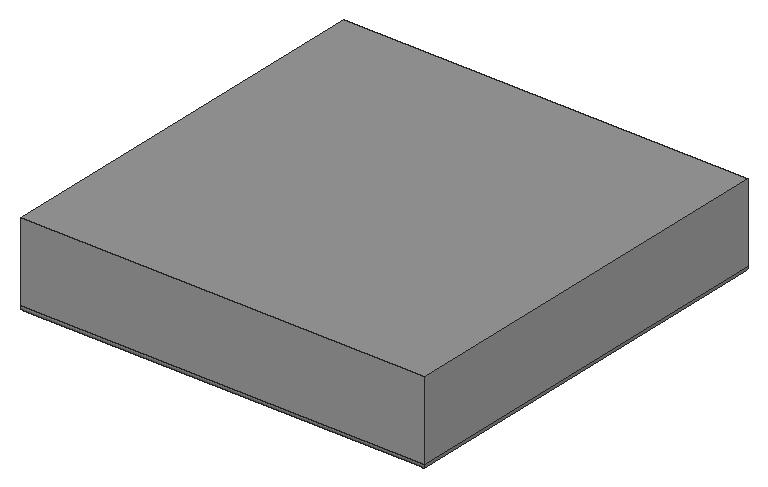
Revit family "TMR1_63_UN_Emergency Lighting_Surface-mounted_Recessed_ETK", category Lighting Fixtures, Revit 2019
Family settings
  Round Connector Dimension = Use Diameter
  Part Type = Normal
  OmniClass Number = 23.80.70.11.14.11
  OmniClass Title = Downlights
  Work Plane-Based = No
  Always vertical = Yes
  Cut with Voids When Loaded = No
  Light Source = No
  Shared = No
  Room Calculation Point = Yes
Parameters (values of type "TMR.1100.xxN - 2W / 360lm / 1hr autonomy")
  Wattage Comments = "2W"
  Voltage = 230 V
  URL = "https://www.etk.nl/producten/tmr-1/"
  Type Comments = "IP66 - IK10"
  Symbol_ToScale [instance] = no
  Symbol_RealSize [instance] = not(Symbol_ToScale)  # yes
  Switch Code [instance] = ""
  Surface Mounted [instance] = yes
  Recessed [instance] = not(Surface Mounted)  # no
  Model = "TMR1"
  Manufacturer = "ETK licht B.V."
  Luminaire_Body_Material = PPS Plastic
  Luminaire Code [instance] = ""
  Lightsource_Constraint [instance] = if(Recessed, 2.2 mm, 17.7 mm)  # 17.7 mm
  Light Source = TMR.1 - Lightsource : TMR.1100.xxN - 2W / 360lm / 1hr autonomy
  Lamp = "LED"
  IfcExportType = "USERDEFINED"
  IfcExportAs = "IfcLightFixtureType"
  Description = "Surface Mounted and Recessed"
  Copyright © IVLighting = "www.ivlibrary.com"
  Assembly Code = "63.0"
  Apparent Load = 2 VA
Types (3, lengths in mm): name | Symbol_ToScale | Symbol_RealSize
  (no name) | no | yes
  TMR.1100.xxN - 2W / 360lm / 1hr autonomy | no | yes
  TMR.1200.xxN - 2W / 360lm / 1hr autonomy | yes | no
Reference planes
  plane 1 "Center (Front/Back)": y = 0
  plane 2: z = 0
  plane 3 "Center (Left/Right)": x = 0
Forms (mm)
  Sweep 1, solid, material "PPS Plastic" <- "Luminaire_Body_Material", visible <- "Surface Mounted"
    path origin (0, 0, 0) x (1, 0, 0) y (0, 1, 0)
      loop
        line (-65.067, -65.005) -> (65.067, -65.005) -> (65.067, 65.005) -> (-65.067, 65.005) -> (-65.067, -65.005)
    profile origin (0, -65.005, 0) x (0, 1, 0) y (0, 0, 1)
      loop
        line (0, 0) -> (0, -25.397)
        arc (0, -25.397) -> (0.469, -26.531) -> (1.603, -27) r 1.603
        line (1.603, -27) -> (2.551, -27) -> (56.895, -17.418) -> (56.895, 0) -> (0, 0)
  Extrusion 2, solid, material "PPS Plastic" <- "Luminaire_Body_Material", visible <- "Surface Mounted"
    sketch origin (0, 0, 0) x (0, 1, 0) y (0, 0, 1)
      loop
        line (8.11, -15.747) -> (8.11, 0) -> (-8.11, 0) -> (-8.11, -15.747) -> (8.11, -15.747)
    from -8.172 to 8.172
  Extrusion 3, solid, material "PPS Plastic" <- "Luminaire_Body_Material", visible <- "Surface Mounted"
    sketch origin (0, 0, 0) x (1, 0, 0) y (0, 1, 0)
      loop
        line (-8.172, 8.218) -> (-8.172, -8.11) -> (8.172, -8.11) -> (8.172, 8.218) -> (-8.172, 8.218)
      loop
        line (-7.242, 5.268) -> (-6.166, 5.268)
        arc (-6.166, 5.268) -> (-5.961, 5.763) -> (-5.466, 5.968) r 0.7
        line (-5.466, 5.968) -> (-5.466, 7.044)
        arc (-5.466, 7.044) -> (-6.722, 6.524) -> (-7.242, 5.268) r 1.776
      loop
        line (-4.905, 7.044) -> (-4.905, 5.968) -> (4.515, 5.968) -> (4.515, 7.044) -> (-4.905, 7.044)
      loop
        arc (7.242, 5.268) -> (6.722, 6.524) -> (5.466, 7.044) r 1.776
        line (5.466, 7.044) -> (5.466, 5.968)
        arc (5.466, 5.968) -> (5.961, 5.763) -> (6.166, 5.268) r 0.7
        line (6.166, 5.268) -> (7.242, 5.268)
      loop
        line (-7.242, 2.999) -> (-7.242, 2.199) -> (-4.615, 2.199) -> (-3.282, 3.531) -> (4.191, 3.531) -> (5.2, 2.522) -> (7.242, 2.522) -> (7.242, 3.322) -> (5.49, 3.322) -> (4.481, 4.331) -> (-3.572, 4.331) -> (-4.905, 2.999) -> (-7.242, 2.999)
      loop
        line (-7.242, 1.31) -> (-7.242, -1.202) -> (-6.442, -1.202) -> (-6.442, 1.31) -> (-7.242, 1.31)
      loop
        line (7.242, 1.31) -> (6.442, 1.31) -> (6.442, -1.202) -> (7.242, -1.202) -> (7.242, 1.31)
      loop
        circle (0, 0.054) r 1.884
      loop
        arc (-7.242, -5.268) -> (-6.722, -6.524) -> (-5.466, -7.044) r 1.776
        line (-5.466, -7.044) -> (-5.466, -5.968)
        arc (-5.466, -5.968) -> (-5.961, -5.763) -> (-6.166, -5.268) r 0.7
        line (-6.166, -5.268) -> (-7.242, -5.268)
      loop
        line (-4.905, -7.044) -> (4.515, -7.044) -> (4.515, -5.968) -> (-4.905, -5.968) -> (-4.905, -7.044)
      loop
        line (7.242, -5.268) -> (6.166, -5.268)
        arc (6.166, -5.268) -> (5.961, -5.763) -> (5.466, -5.968) r 0.7
        line (5.466, -5.968) -> (5.466, -7.044)
        arc (5.466, -7.044) -> (6.722, -6.524) -> (7.242, -5.268) r 1.776
      loop
        line (-7.242, -2.999) -> (-4.905, -2.999) -> (-3.572, -4.331) -> (4.481, -4.331) -> (5.49, -3.322) -> (7.242, -3.322) -> (7.242, -2.522) -> (5.2, -2.522) -> (4.191, -3.531) -> (-3.282, -3.531) -> (-4.615, -2.199) -> (-7.242, -2.199) -> (-7.242, -2.999)
    from -17.418 to -15.747
  Extrusion 4, solid, material "LED", visible <- "Surface Mounted"
    sketch origin (0, 0, 0) x (1, 0, 0) y (0, 1, 0)
      loop
        circle (0, 0) r 1.883
    from -17.5 to -15.747
  Sweep 5, solid, material "PPS Plastic" <- "Luminaire_Body_Material", not visible
    path origin (0, 0, 0) x (1, 0, 0) y (0, 1, 0)
      loop
        line (-65.067, -65.005) -> (65.067, -65.005) -> (65.067, 65.005) -> (-65.067, 65.005) -> (-65.067, -65.005)
    profile origin (0, -65.005, 0) x (0, 1, 0) y (0, 0, 1)
      loop
        line (0, 0) -> (0, -25.397)
        arc (0, -25.397) -> (0.469, -26.531) -> (1.603, -27) r 1.603
        line (1.603, -27) -> (2.551, -27) -> (56.895, -17.418) -> (56.895, 0) -> (0, 0)
  Extrusion 6, solid, material "PPS Plastic" <- "Luminaire_Body_Material", not visible
    sketch origin (0, 0, 0) x (0, 1, 0) y (0, 0, 1)
      loop
        line (8.11, -15.747) -> (8.11, 0) -> (-8.11, 0) -> (-8.11, -15.747) -> (8.11, -15.747)
    from -8.172 to 8.172
  Extrusion 7, solid, material "PPS Plastic" <- "Luminaire_Body_Material", not visible
    sketch origin (0, 0, 0) x (1, 0, 0) y (0, 1, 0)
      loop
        line (-8.172, 8.218) -> (-8.172, -8.11) -> (8.172, -8.11) -> (8.172, 8.218) -> (-8.172, 8.218)
      loop
        line (-7.242, 5.268) -> (-6.166, 5.268)
        arc (-6.166, 5.268) -> (-5.961, 5.763) -> (-5.466, 5.968) r 0.7
        line (-5.466, 5.968) -> (-5.466, 7.044)
        arc (-5.466, 7.044) -> (-6.722, 6.524) -> (-7.242, 5.268) r 1.776
      loop
        line (-4.905, 7.044) -> (-4.905, 5.968) -> (4.515, 5.968) -> (4.515, 7.044) -> (-4.905, 7.044)
      loop
        arc (7.242, 5.268) -> (6.722, 6.524) -> (5.466, 7.044) r 1.776
        line (5.466, 7.044) -> (5.466, 5.968)
        arc (5.466, 5.968) -> (5.961, 5.763) -> (6.166, 5.268) r 0.7
        line (6.166, 5.268) -> (7.242, 5.268)
      loop
        line (-7.242, 2.999) -> (-7.242, 2.199) -> (-4.615, 2.199) -> (-3.282, 3.531) -> (4.191, 3.531) -> (5.2, 2.522) -> (7.242, 2.522) -> (7.242, 3.322) -> (5.49, 3.322) -> (4.481, 4.331) -> (-3.572, 4.331) -> (-4.905, 2.999) -> (-7.242, 2.999)
      loop
        line (-7.242, 1.31) -> (-7.242, -1.202) -> (-6.442, -1.202) -> (-6.442, 1.31) -> (-7.242, 1.31)
      loop
        line (7.242, 1.31) -> (6.442, 1.31) -> (6.442, -1.202) -> (7.242, -1.202) -> (7.242, 1.31)
      loop
        circle (0, 0.054) r 1.884
      loop
        arc (-7.242, -5.268) -> (-6.722, -6.524) -> (-5.466, -7.044) r 1.776
        line (-5.466, -7.044) -> (-5.466, -5.968)
        arc (-5.466, -5.968) -> (-5.961, -5.763) -> (-6.166, -5.268) r 0.7
        line (-6.166, -5.268) -> (-7.242, -5.268)
      loop
        line (-4.905, -7.044) -> (4.515, -7.044) -> (4.515, -5.968) -> (-4.905, -5.968) -> (-4.905, -7.044)
      loop
        line (7.242, -5.268) -> (6.166, -5.268)
        arc (6.166, -5.268) -> (5.961, -5.763) -> (5.466, -5.968) r 0.7
        line (5.466, -5.968) -> (5.466, -7.044)
        arc (5.466, -7.044) -> (6.722, -6.524) -> (7.242, -5.268) r 1.776
      loop
        line (-7.242, -2.999) -> (-4.905, -2.999) -> (-3.572, -4.331) -> (4.481, -4.331) -> (5.49, -3.322) -> (7.242, -3.322) -> (7.242, -2.522) -> (5.2, -2.522) -> (4.191, -3.531) -> (-3.282, -3.531) -> (-4.615, -2.199) -> (-7.242, -2.199) -> (-7.242, -2.999)
    from -17.418 to -15.747
  Extrusion 8, solid, material "LED", not visible
    sketch origin (0, 0, 0) x (1, 0, 0) y (0, 1, 0)
      loop
        circle (0, 0) r 1.883
    from -17.5 to -15.747
  Sweep 9, solid, material "PPS Plastic" <- "Luminaire_Body_Material", visible <- "Recessed"
    path origin (0, 0, 20.193) x (1, 0, 0) y (0, 1, 0)
      loop
        line (-65.067, -65.005) -> (65.067, -65.005) -> (65.067, 65.005) -> (-65.067, 65.005) -> (-65.067, -65.005)
    profile origin (0, -65.005, 20.193) x (0, 1, 0) y (0, 0, 1)
      loop
        line (0, 0) -> (0, -25.397)
        arc (0, -25.397) -> (0.469, -26.531) -> (1.603, -27) r 1.603
        line (1.603, -27) -> (2.551, -27) -> (56.895, -22.246) -> (56.895, 0) -> (0, 0)
  Extrusion 10, solid, material "PPS Plastic" <- "Luminaire_Body_Material", visible <- "Recessed"
    sketch origin (0, 0, 20.193) x (0, 1, 0) y (0, 0, 1)
      loop
        line (8.11, -20.215) -> (8.11, 0) -> (-8.11, 0) -> (-8.11, -20.215) -> (8.11, -20.215)
    from -8.172 to 8.172
  Extrusion 11, solid, material "PPS Plastic" <- "Luminaire_Body_Material", visible <- "Recessed"
    sketch origin (0, 0, 20.193) x (1, 0, 0) y (0, 1, 0)
      loop
        line (-8.172, 8.218) -> (-8.172, -8.11) -> (8.172, -8.11) -> (8.172, 8.218) -> (-8.172, 8.218)
      loop
        line (-7.242, 5.268) -> (-6.166, 5.268)
        arc (-6.166, 5.268) -> (-5.961, 5.763) -> (-5.466, 5.968) r 0.7
        line (-5.466, 5.968) -> (-5.466, 7.044)
        arc (-5.466, 7.044) -> (-6.722, 6.524) -> (-7.242, 5.268) r 1.776
      loop
        line (-4.905, 7.044) -> (-4.905, 5.968) -> (4.515, 5.968) -> (4.515, 7.044) -> (-4.905, 7.044)
      loop
        arc (7.242, 5.268) -> (6.722, 6.524) -> (5.466, 7.044) r 1.776
        line (5.466, 7.044) -> (5.466, 5.968)
        arc (5.466, 5.968) -> (5.961, 5.763) -> (6.166, 5.268) r 0.7
        line (6.166, 5.268) -> (7.242, 5.268)
      loop
        line (-7.242, 2.999) -> (-7.242, 2.199) -> (-4.615, 2.199) -> (-3.282, 3.531) -> (4.191, 3.531) -> (5.2, 2.522) -> (7.242, 2.522) -> (7.242, 3.322) -> (5.49, 3.322) -> (4.481, 4.331) -> (-3.572, 4.331) -> (-4.905, 2.999) -> (-7.242, 2.999)
      loop
        line (-7.242, 1.31) -> (-7.242, -1.202) -> (-6.442, -1.202) -> (-6.442, 1.31) -> (-7.242, 1.31)
      loop
        line (7.242, 1.31) -> (6.442, 1.31) -> (6.442, -1.202) -> (7.242, -1.202) -> (7.242, 1.31)
      loop
        circle (0, 0.054) r 1.884
      loop
        arc (-7.242, -5.268) -> (-6.722, -6.524) -> (-5.466, -7.044) r 1.776
        line (-5.466, -7.044) -> (-5.466, -5.968)
        arc (-5.466, -5.968) -> (-5.961, -5.763) -> (-6.166, -5.268) r 0.7
        line (-6.166, -5.268) -> (-7.242, -5.268)
      loop
        line (-4.905, -7.044) -> (4.515, -7.044) -> (4.515, -5.968) -> (-4.905, -5.968) -> (-4.905, -7.044)
      loop
        line (7.242, -5.268) -> (6.166, -5.268)
        arc (6.166, -5.268) -> (5.961, -5.763) -> (5.466, -5.968) r 0.7
        line (5.466, -5.968) -> (5.466, -7.044)
        arc (5.466, -7.044) -> (6.722, -6.524) -> (7.242, -5.268) r 1.776
      loop
        line (-7.242, -2.999) -> (-4.905, -2.999) -> (-3.572, -4.331) -> (4.481, -4.331) -> (5.49, -3.322) -> (7.242, -3.322) -> (7.242, -2.522) -> (5.2, -2.522) -> (4.191, -3.531) -> (-3.282, -3.531) -> (-4.615, -2.199) -> (-7.242, -2.199) -> (-7.242, -2.999)
    from -22.246 to -20.215
  Extrusion 12, solid, material "LED", visible <- "Recessed"
    sketch origin (0, 0, 20.193) x (1, 0, 0) y (0, 1, 0)
      loop
        circle (0, 0) r 1.883
    from -22.387 to -20.215
Cuts and joins
  joined: Sweep 1, Extrusion 2
Lines and regions (mm)
  symbolic lines, visible <- "Symbol_RealSize"
    curve 1: line (-64.747, 65.005, 0) -> (65.253, 65.005, 0)
    curve 2: line (65.253, 65.005, 0) -> (65.253, -64.995, 0)
    curve 3: line (65.253, -64.995, 0) -> (-64.747, -64.995, 0)
    curve 4: line (-64.747, -64.995, 0) -> (-64.747, 65.005, 0)
    curve 5: line (-64.747, -64.995, 0) -> (0.253, 0.005, 0)
    curve 6: line (-64.747, 65.005, 0) -> (0.253, 0.005, 0)
    curve 7: line (0.253, 0.005, 0) -> (-64.747, 0.005, 0)
    curve 8: line (-64.747, -2.995, 0) -> (-2.747, -2.995, 0)
    curve 9: line (-64.747, -5.995, 0) -> (-5.747, -5.995, 0)
    curve 10: line (-64.747, -8.995, 0) -> (-8.747, -8.995, 0)
    curve 11: line (-64.747, -11.995, 0) -> (-11.747, -11.995, 0)
    curve 12: line (-64.747, -14.995, 0) -> (-14.747, -14.995, 0)
    curve 13: line (-64.747, -17.995, 0) -> (-17.747, -17.995, 0)
    curve 14: line (-64.747, -20.995, 0) -> (-20.747, -20.995, 0)
    curve 15: line (-64.747, -23.995, 0) -> (-23.747, -23.995, 0)
    curve 16: line (-64.747, -26.995, 0) -> (-26.747, -26.995, 0)
    curve 17: line (-64.747, -29.995, 0) -> (-29.747, -29.995, 0)
    curve 18: line (-64.747, -32.995, 0) -> (-32.747, -32.995, 0)
    curve 19: line (-64.747, -35.995, 0) -> (-35.747, -35.995, 0)
    curve 20: line (-64.747, -38.995, 0) -> (-38.747, -38.995, 0)
    curve 21: line (-64.747, -41.995, 0) -> (-41.747, -41.995, 0)
    curve 22: line (-64.747, -44.995, 0) -> (-44.747, -44.995, 0)
    curve 23: line (-64.747, -47.995, 0) -> (-47.747, -47.995, 0)
    curve 24: line (-64.747, -50.995, 0) -> (-50.747, -50.995, 0)
    curve 25: line (-64.747, -53.995, 0) -> (-53.747, -53.995, 0)
    curve 26: line (-64.747, -56.995, 0) -> (-56.747, -56.995, 0)
    curve 27: line (-64.747, -59.995, 0) -> (-59.747, -59.995, 0)
    curve 28: line (-64.747, -62.995, 0) -> (-62.747, -62.995, 0)
    curve 29: line (-64.747, 3.005, 0) -> (-2.747, 3.005, 0)
    curve 30: line (-64.747, 6.005, 0) -> (-5.747, 6.005, 0)
    curve 31: line (-64.747, 9.005, 0) -> (-8.747, 9.005, 0)
    curve 32: line (-64.747, 12.005, 0) -> (-11.747, 12.005, 0)
    curve 33: line (-64.747, 15.005, 0) -> (-14.747, 15.005, 0)
    curve 34: line (-64.747, 18.005, 0) -> (-17.747, 18.005, 0)
    curve 35: line (-64.747, 21.005, 0) -> (-20.747, 21.005, 0)
    curve 36: line (-64.747, 24.005, 0) -> (-23.747, 24.005, 0)
    curve 37: line (-64.747, 27.005, 0) -> (-26.747, 27.005, 0)
    curve 38: line (-64.747, 30.005, 0) -> (-29.747, 30.005, 0)
    curve 39: line (-64.747, 33.005, 0) -> (-32.747, 33.005, 0)
    curve 40: line (-64.747, 36.005, 0) -> (-35.747, 36.005, 0)
    curve 41: line (-64.747, 39.005, 0) -> (-38.747, 39.005, 0)
    curve 42: line (-64.747, 42.005, 0) -> (-41.747, 42.005, 0)
    curve 43: line (-64.747, 45.005, 0) -> (-44.747, 45.005, 0)
    curve 44: line (-64.747, 48.005, 0) -> (-47.747, 48.005, 0)
    curve 45: line (-64.747, 51.005, 0) -> (-50.747, 51.005, 0)
    curve 46: line (-64.747, 54.005, 0) -> (-53.747, 54.005, 0)
    curve 47: line (-64.747, 57.005, 0) -> (-56.747, 57.005, 0)
    curve 48: line (-64.747, 60.005, 0) -> (-59.747, 60.005, 0)
    curve 49: line (-64.747, 63.005, 0) -> (-62.747, 63.005, 0)
    curve 50: line (65.253, -64.995, 0) -> (65.253, 65.005, 0)
    curve 51: line (65.253, -64.995, 0) -> (0.253, 0.005, 0)
    curve 52: line (65.253, 65.005, 0) -> (0.253, 0.005, 0)
    curve 53: line (0.253, 0.005, 0) -> (65.253, 0.005, 0)
    curve 54: line (65.253, -2.995, 0) -> (3.253, -2.995, 0)
    curve 55: line (65.253, -5.995, 0) -> (6.253, -5.995, 0)
    curve 56: line (65.253, -8.995, 0) -> (9.253, -8.995, 0)
    curve 57: line (65.253, -11.995, 0) -> (12.253, -11.995, 0)
    curve 58: line (65.253, -14.995, 0) -> (15.253, -14.995, 0)
    curve 59: line (65.253, -17.995, 0) -> (18.253, -17.995, 0)
    curve 60: line (65.253, -20.995, 0) -> (21.253, -20.995, 0)
    curve 61: line (65.253, -23.995, 0) -> (24.253, -23.995, 0)
    curve 62: line (65.253, -26.995, 0) -> (27.253, -26.995, 0)
    curve 63: line (65.253, -29.995, 0) -> (30.253, -29.995, 0)
    curve 64: line (65.253, -32.995, 0) -> (33.253, -32.995, 0)
    curve 65: line (65.253, -35.995, 0) -> (36.253, -35.995, 0)
    curve 66: line (65.253, -38.995, 0) -> (39.253, -38.995, 0)
    curve 67: line (65.253, -41.995, 0) -> (42.253, -41.995, 0)
    curve 68: line (65.253, -44.995, 0) -> (45.253, -44.995, 0)
    curve 69: line (65.253, -47.995, 0) -> (48.253, -47.995, 0)
    curve 70: line (65.253, -50.995, 0) -> (51.253, -50.995, 0)
    curve 71: line (65.253, -53.995, 0) -> (54.253, -53.995, 0)
    curve 72: line (65.253, -56.995, 0) -> (57.253, -56.995, 0)
    curve 73: line (65.253, -59.995, 0) -> (60.253, -59.995, 0)
    curve 74: line (65.253, -62.995, 0) -> (63.253, -62.995, 0)
    curve 75: line (65.253, 3.005, 0) -> (3.253, 3.005, 0)
    curve 76: line (65.253, 6.005, 0) -> (6.253, 6.005, 0)
    curve 77: line (65.253, 9.005, 0) -> (9.253, 9.005, 0)
    curve 78: line (65.253, 12.005, 0) -> (12.253, 12.005, 0)
    curve 79: line (65.253, 15.005, 0) -> (15.253, 15.005, 0)
    curve 80: line (65.253, 18.005, 0) -> (18.253, 18.005, 0)
    curve 81: line (65.253, 21.005, 0) -> (21.253, 21.005, 0)
    curve 82: line (65.253, 24.005, 0) -> (24.253, 24.005, 0)
    curve 83: line (65.253, 27.005, 0) -> (27.253, 27.005, 0)
    curve 84: line (65.253, 30.005, 0) -> (30.253, 30.005, 0)
    curve 85: line (65.253, 33.005, 0) -> (33.253, 33.005, 0)
    curve 86: line (65.253, 36.005, 0) -> (36.253, 36.005, 0)
    curve 87: line (65.253, 39.005, 0) -> (39.253, 39.005, 0)
    curve 88: line (65.253, 42.005, 0) -> (42.253, 42.005, 0)
    curve 89: line (65.253, 45.005, 0) -> (45.253, 45.005, 0)
    curve 90: line (65.253, 48.005, 0) -> (48.253, 48.005, 0)
    curve 91: line (65.253, 51.005, 0) -> (51.253, 51.005, 0)
    curve 92: line (65.253, 54.005, 0) -> (54.253, 54.005, 0)
    curve 93: line (65.253, 57.005, 0) -> (57.253, 57.005, 0)
    curve 94: line (65.253, 60.005, 0) -> (60.253, 60.005, 0)
    curve 95: line (65.253, 63.005, 0) -> (63.253, 63.005, 0)
Dimensions and locks
  "Lightsource_Constraint": plane 2 to nested 2
  aligned and locked: level to plane 2
Automatic sketch dimensions
  curve 1 to plane 3 "Center (Left/Right)" = 64.747 mm
  curve 6 to plane 1 "Center (Front/Back)" = 0.005 mm
  plane 3 "Center (Left/Right)" to curve 6 = 0.253 mm
  plane 1 "Center (Front/Back)" to curve 5 = 64.995 mm
  curve 49 to curve 49 = 2 mm
  curve 28 to curve 28 = 2 mm
  curve 28 to curve 27 = 3 mm
  curve 49 to curve 48 = 3 mm
  curve 27 to curve 26 = 3 mm
  curve 48 to curve 47 = 3 mm
  curve 47 to curve 46 = 3 mm
  curve 26 to curve 25 = 3 mm
  curve 46 to curve 45 = 3 mm
  curve 25 to curve 24 = 3 mm
  curve 45 to curve 44 = 3 mm
  curve 24 to curve 23 = 3 mm
  curve 23 to curve 22 = 3 mm
  curve 44 to curve 43 = 3 mm
  curve 22 to curve 21 = 3 mm
  curve 43 to curve 42 = 3 mm
  curve 21 to curve 20 = 3 mm
  curve 42 to curve 41 = 3 mm
  curve 41 to curve 40 = 3 mm
  curve 20 to curve 19 = 3 mm
  curve 40 to curve 39 = 3 mm
  curve 19 to curve 18 = 3 mm
  curve 39 to curve 38 = 3 mm
  curve 18 to curve 17 = 3 mm
  curve 38 to curve 37 = 3 mm
  curve 17 to curve 16 = 3 mm
  curve 16 to curve 15 = 3 mm
  curve 37 to curve 36 = 3 mm
  curve 36 to curve 35 = 3 mm
  curve 15 to curve 14 = 3 mm
  curve 35 to curve 34 = 3 mm
  curve 14 to curve 13 = 3 mm
  curve 34 to curve 33 = 3 mm
  curve 13 to curve 12 = 3 mm
  curve 33 to curve 32 = 3 mm
  curve 12 to curve 11 = 3 mm
  curve 32 to curve 31 = 3 mm
  curve 11 to curve 10 = 3 mm
  curve 10 to curve 9 = 3 mm
  curve 31 to curve 30 = 3 mm
  curve 29 to plane 3 "Center (Left/Right)" = 2.747 mm
  curve 8 to plane 3 "Center (Left/Right)" = 2.747 mm
  curve 75 to plane 1 "Center (Front/Back)" = 3.005 mm
  plane 1 "Center (Front/Back)" to curve 54 = 2.995 mm
  curve 54 to curve 55 = 3 mm
  curve 75 to curve 76 = 3 mm
  curve 55 to curve 56 = 3 mm
  curve 76 to curve 77 = 3 mm
  curve 77 to curve 78 = 3 mm
  curve 56 to curve 57 = 3 mm
  curve 78 to curve 79 = 3 mm
  curve 57 to curve 58 = 3 mm
  curve 58 to curve 59 = 3 mm
  curve 79 to curve 80 = 3 mm
  curve 59 to curve 60 = 3 mm
  curve 80 to curve 81 = 3 mm
  curve 81 to curve 82 = 3 mm
  curve 60 to curve 61 = 3 mm
  curve 61 to curve 62 = 3 mm
  curve 82 to curve 83 = 3 mm
  curve 83 to curve 84 = 3 mm
  curve 62 to curve 63 = 3 mm
  curve 63 to curve 64 = 3 mm
  curve 84 to curve 85 = 3 mm
  curve 85 to curve 86 = 3 mm
  curve 64 to curve 65 = 3 mm
  curve 86 to curve 87 = 3 mm
  curve 65 to curve 66 = 3 mm
  curve 66 to curve 67 = 3 mm
  curve 87 to curve 88 = 3 mm
  curve 88 to curve 89 = 3 mm
  curve 67 to curve 68 = 3 mm
  curve 89 to curve 90 = 3 mm
  curve 68 to curve 69 = 3 mm
  curve 69 to curve 70 = 3 mm
  curve 90 to curve 91 = 3 mm
  curve 91 to curve 92 = 3 mm
  curve 70 to curve 71 = 3 mm
  curve 71 to curve 72 = 3 mm
  curve 92 to curve 93 = 3 mm
  curve 72 to curve 73 = 3 mm
  curve 93 to curve 94 = 3 mm
  curve 95 to curve 95 = 2 mm
  curve 74 to curve 74 = 2 mm
  Sweep 1 sketch curve to plane 3 "Center (Left/Right)" = 65.067 mm
  plane 3 "Center (Left/Right)" to Sweep 1 sketch curve = 65.067 mm
  plane 1 "Center (Front/Back)" to Sweep 1 sketch curve = 65.005 mm
  Sweep 1 sketch curve to plane 1 "Center (Front/Back)" = 65.005 mm
  Sweep 1 sketch curve to profile plane = 0 mm
  Sweep 1 sketch curve to level = 0 mm
  Sweep 1 sketch curve to profile plane = 1.603 mm
  Sweep 1 sketch curve to Sweep 1 sketch curve = 0.949 mm
  Sweep 1 sketch curve to profile plane = 56.895 mm
  Sweep 1 sketch curve to level = 17.418 mm
  Sweep 1 sketch curve to level = 25.397 mm
  Extrusion 2 sketch curve to level = 0 mm
  plane 1 "Center (Front/Back)" to Extrusion 2 sketch curve = 8.11 mm
  Extrusion 2 sketch curve to plane 1 "Center (Front/Back)" = 8.11 mm
  Extrusion 2 sketch curve to level = 15.747 mm
  Extrusion 3 sketch curve to Extrusion 3 sketch curve = 0 mm  (x13)
  Extrusion 3 sketch curve to plane 3 "Center (Left/Right)" = 0 mm
  Extrusion 3 sketch curve to plane 3 "Center (Left/Right)" = 3.282 mm  (x2)
  Extrusion 3 sketch curve to Extrusion 3 sketch curve = 0.29 mm  (x8)
  plane 1 "Center (Front/Back)" to Extrusion 3 sketch curve = 2.199 mm
  Extrusion 3 sketch curve to Extrusion 3 sketch curve = 1.332 mm  (x4)
  Extrusion 3 sketch curve to Extrusion 3 sketch curve = 0.561 mm  (x2)
  Extrusion 3 sketch curve to Extrusion 3 sketch curve = 0.7 mm  (x4)
  Extrusion 3 sketch curve to Extrusion 3 sketch curve = 1.827 mm
  Extrusion 3 sketch curve to Extrusion 3 sketch curve = 0.8 mm  (x9)
  Extrusion 3 sketch curve to Extrusion 3 sketch curve = 1.076 mm  (x4)
  Extrusion 3 sketch curve to Extrusion 3 sketch curve = 2.706 mm  (x2)
  plane 3 "Center (Left/Right)" to Extrusion 3 sketch curve = 4.191 mm  (x2)
  Extrusion 3 sketch curve to Extrusion 3 sketch curve = 0.034 mm  (x2)
  Extrusion 3 sketch curve to plane 1 "Center (Front/Back)" = 2.522 mm
  Extrusion 3 sketch curve to Extrusion 3 sketch curve = 1.009 mm  (x2)
  Extrusion 3 sketch curve to Extrusion 3 sketch curve = 0.951 mm  (x2)
  Extrusion 3 sketch curve to Extrusion 3 sketch curve = 1.242 mm
  Extrusion 3 sketch curve to Extrusion 3 sketch curve = 1.752 mm  (x2)
  plane 1 "Center (Front/Back)" to Extrusion 3 sketch curve = 2.522 mm
  Extrusion 3 sketch curve to Extrusion 3 sketch curve = 0.532 mm  (x2)
  Extrusion 3 sketch curve to Extrusion 3 sketch curve = 0.937 mm  (x3)
  Extrusion 3 sketch curve to Extrusion 3 sketch curve = 1.066 mm
  plane 1 "Center (Front/Back)" to Extrusion 3 sketch curve = 1.202 mm  (x2)
  Extrusion 3 sketch curve to plane 1 "Center (Front/Back)" = 0.054 mm
  Extrusion 3 sketch curve to plane 1 "Center (Front/Back)" = 1.31 mm  (x2)
  Extrusion 3 sketch curve to Extrusion 3 sketch curve = 0.889 mm
  Extrusion 3 sketch curve to Extrusion 3 sketch curve = 2.269 mm
  Extrusion 3 sketch curve to Extrusion 3 sketch curve = 1.174 mm
  plane 1 "Center (Front/Back)" to Extrusion 4 sketch curve = 0 mm
  Extrusion 4 sketch curve to plane 3 "Center (Left/Right)" = 0 mm
  Sweep 9 sketch curve to plane 3 "Center (Left/Right)" = 65.067 mm
  plane 3 "Center (Left/Right)" to Sweep 9 sketch curve = 65.067 mm
  plane 1 "Center (Front/Back)" to Sweep 9 sketch curve = 65.005 mm
  Sweep 9 sketch curve to plane 1 "Center (Front/Back)" = 65.005 mm
  Sweep 9 sketch curve to profile plane = 0 mm  (x2)
  Sweep 9 sketch curve to profile plane = 1.603 mm
  Sweep 9 sketch curve to Sweep 9 sketch curve = 0.949 mm
  Sweep 9 sketch curve to profile plane = 56.895 mm
  Sweep 9 sketch curve to Sweep 9 sketch curve = 22.246 mm
  Sweep 9 sketch curve to Sweep 9 sketch curve = 25.397 mm
  Extrusion 10 sketch curve to level = 0.022 mm
  plane 1 "Center (Front/Back)" to Extrusion 10 sketch curve = 8.11 mm
  Extrusion 10 sketch curve to plane 1 "Center (Front/Back)" = 8.11 mm
  level to Extrusion 10 sketch curve = 20.193 mm
  Extrusion 11 sketch curve to Extrusion 11 sketch curve = 0 mm  (x13)
  Extrusion 11 sketch curve to plane 3 "Center (Left/Right)" = 0 mm
  Extrusion 11 sketch curve to plane 3 "Center (Left/Right)" = 3.282 mm  (x2)
  Extrusion 11 sketch curve to Extrusion 11 sketch curve = 0.29 mm  (x8)
  plane 1 "Center (Front/Back)" to Extrusion 11 sketch curve = 2.199 mm
  Extrusion 11 sketch curve to Extrusion 11 sketch curve = 1.332 mm  (x4)
  Extrusion 11 sketch curve to Extrusion 11 sketch curve = 0.561 mm  (x2)
  Extrusion 11 sketch curve to Extrusion 11 sketch curve = 0.7 mm  (x4)
  Extrusion 11 sketch curve to Extrusion 11 sketch curve = 1.827 mm
  Extrusion 11 sketch curve to Extrusion 11 sketch curve = 0.8 mm  (x9)
  Extrusion 11 sketch curve to Extrusion 11 sketch curve = 1.076 mm  (x4)
  Extrusion 11 sketch curve to Extrusion 11 sketch curve = 2.706 mm  (x2)
  plane 3 "Center (Left/Right)" to Extrusion 11 sketch curve = 4.191 mm  (x2)
  Extrusion 11 sketch curve to Extrusion 11 sketch curve = 0.034 mm  (x2)
  Extrusion 11 sketch curve to plane 1 "Center (Front/Back)" = 2.522 mm
  Extrusion 11 sketch curve to Extrusion 11 sketch curve = 1.009 mm  (x2)
  Extrusion 11 sketch curve to Extrusion 11 sketch curve = 0.951 mm  (x2)
  Extrusion 11 sketch curve to Extrusion 11 sketch curve = 1.242 mm
  Extrusion 11 sketch curve to Extrusion 11 sketch curve = 1.752 mm  (x2)
  plane 1 "Center (Front/Back)" to Extrusion 11 sketch curve = 2.522 mm
  Extrusion 11 sketch curve to Extrusion 11 sketch curve = 0.532 mm  (x2)
  Extrusion 11 sketch curve to Extrusion 11 sketch curve = 0.937 mm  (x3)
  Extrusion 11 sketch curve to Extrusion 11 sketch curve = 1.066 mm
  plane 1 "Center (Front/Back)" to Extrusion 11 sketch curve = 1.202 mm  (x2)
  Extrusion 11 sketch curve to plane 1 "Center (Front/Back)" = 0.054 mm
  Extrusion 11 sketch curve to plane 1 "Center (Front/Back)" = 1.31 mm  (x2)
  Extrusion 11 sketch curve to Extrusion 11 sketch curve = 0.889 mm
  Extrusion 11 sketch curve to Extrusion 11 sketch curve = 2.269 mm
  Extrusion 11 sketch curve to Extrusion 11 sketch curve = 1.174 mm
  plane 1 "Center (Front/Back)" to Extrusion 12 sketch curve = 0 mm
  Extrusion 12 sketch curve to plane 3 "Center (Left/Right)" = 0 mm
  radius of Extrusion 3 sketch curve = 1.884 mm
  radius of Extrusion 4 sketch curve = 1.883 mm
  radius of Extrusion 11 sketch curve = 1.884 mm
  radius of Extrusion 12 sketch curve = 1.883 mm
Nested families
  nested 1: "TMR.1 Light_Symbol_IVL" at (0, 0, 0), visible <- "Symbol_ToScale", type "Lighting Fixture Square Emergency"
  nested 2: "TMR.1 - Lightsource" at (0, 0, -17.7), type "TMR.1100.xxN - 2W / 360lm / 1hr autonomy"
Connectors
  electrical at (0, 0, 0), driven by "Apparent Load"
    settings: index 1, voltage 0 V, apparent load 0 VA, apparent load phase1 2 VA, apparent load phase2 0 VA, apparent load phase3 0 VA, power factor 1, load classification "Other", number of poles 1, system type 31, power factor state 1, is connector primary yes, connector utility no, sub classification motor no, connector description ""
Definition of nested family "TMR.1 Light_Symbol_IVL"
  Reference planes
    plane 1: y = 0
    plane 2: x = 0
  Lines and regions (mm)
    Filled region 1, type "Filled region 1"
      outline origin (0.993, 1.104, 0) x (1, 0, 0) y (0, 1, 0)
        loop
          line (-1.643, -1.754) -> (-0.993, -1.104) -> (-1.643, -0.454) -> (-1.643, -1.754)
    Filled region 2, type "Filled region 1"
      outline origin (-0.993, 1.104, 0) x (0, 1, 0) y (-1, 0, 0)
        loop
          line (-1.754, -1.643) -> (-0.454, -1.643) -> (-1.104, -0.993) -> (-1.754, -1.643)
    detail lines
      curve 1: line (-0.65, -0.65, 0) -> (0.65, -0.65, 0)
      curve 2: line (-0.65, 0.65, 0) -> (-0.65, -0.65, 0)
      curve 3: line (0.65, 0.65, 0) -> (-0.65, 0.65, 0)
      curve 4: line (0.65, -0.65, 0) -> (0.65, 0.65, 0)
Definition of nested family "TMR.1 - Lightsource"
  Parameters (values of type "TMR.1100.xxN - 2W / 360lm / 1hr autonomy")
    Wattage Comments = "2W"
    Wattage = 2.42356 W
    built-in parameter 1150110 = 1 (stored number, unit not read)
    URL = "https://www.etk.nl/producten/tmr-1/"
    built-in parameter 1114217 = 1 (stored number, unit not read)
    Tilt Angle = 90.00°
    built-in parameter 1150109 = 1 (stored number, unit not read)
    built-in parameter 1150134 = 12
    built-in parameter 1150113 = 1 (stored number, unit not read)
    Photometric Web File = "TMR.1100.15N.IES"
    Model = "TMR.1"
    Manufacturer = "ETK B.V."
    built-in parameter 1150105 = 28.648 (stored number, unit not read)
    Lumens = 360 lm
    built-in parameter 1150115 = 1 (stored number, unit not read)
    built-in parameter 1150137 = (empty or 0)
    built-in parameter 1150139 = (empty or 0)
    built-in parameter 1150112 = 1 (stored number, unit not read)
    built-in parameter 1150114 = 1 (stored number, unit not read)
    Lamp = "LED"
    built-in parameter 1150132 = 2
    built-in parameter 1150102 = (empty or 0)
    built-in parameter 1150107 = 4000 (stored number, unit not read)
    built-in parameter 1150138 = (empty or 0)
    built-in parameter 1150106 = 0.28648 (stored number, unit not read)
    built-in parameter 1150104 = 13.8 (stored number, unit not read)
    Dimming Lamp Color Temperature Shift = (empty or 0)
    Description = "Light sources"
    Copyright © IVLighting = "www.ivlighting.nl"
    Color Filter = 16777215
    built-in parameter 1114218 = 1 (stored number, unit not read)
    built-in parameter 1150133 = 10 (stored number, unit not read)
    Assembly Code = "63.0"
    Apparent Load = 2 VA
  Types (2, lengths in mm): name | Photometric Web File
    TMR.1200.xxN - 2W / 360lm / 1hr autonomy | "TMR.1200.15N.IES"
    TMR.1100.xxN - 2W / 360lm / 1hr autonomy | "TMR.1100.15N.IES"
  Reference planes
    plane 1 "Center (Front/Back)": y = 0
    plane 2: z = 0
    plane 3 "Center (Left/Right)": x = 0
  Lines and regions (mm)
    reference lines
      curve 1: line (-180, 0, 0) -> (180, 0, 0)
  Dimensions and locks
    aligned and locked: level to plane 2
